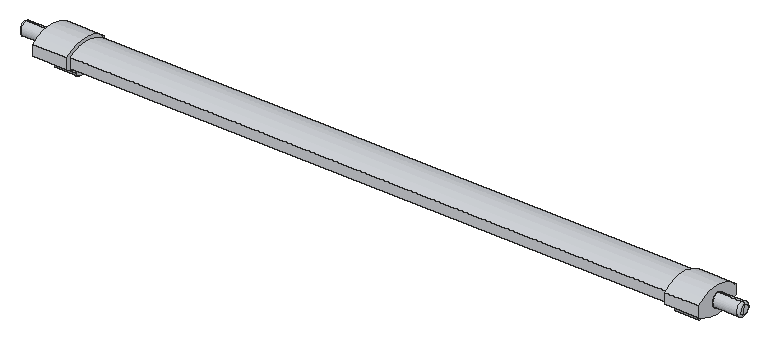
Revit family "0045750", category Lighting Fixtures, host Face, Revit 2017
Family settings
  Host = Face
  Round Connector Dimension = Use Diameter
  Part Type = Normal
  OmniClass Number = 23.80.70.00
  OmniClass Title = Lighting
  Cut with Voids When Loaded = No
  Light Source = Yes
  Shared = No
  Room Calculation Point = No
Parameters (values of type "0045750 ST E BATTEN 1200 IP65 5200LM 840")
  Weight = "7.02 kg"
  Wattage Comments = ""
  Wattage = 36 W
  WarrantyStartDate [instance] = "n/a"
  WarrantyGuarantorParts = "n/a"
  WarrantyDurationUnit = "n/a"
  WarrantyDurationParts = "n/a"
  WarrantyDescription = "n/a"
  built-in parameter 1150110 = 1 (stored number, unit not read)
  Voltage = 0 V
  URL = "http://www.sylvania-lighting.com"
  TypeName = "START eco Batten  1200 IP65 5200lm 840"
  Type Image = <None>
  Type Comments = "n/a"
  built-in parameter 1114217 = 1 (stored number, unit not read)
  Tilt Angle = -90.00°
  built-in parameter 1150109 = 1 (stored number, unit not read)
  built-in parameter 1150134 = 12
  built-in parameter 1150113 = 1 (stored number, unit not read)
  SerialNumber [instance] = "n/a"
  Photometric Web File = "0045750.ies"
  Material_3_SYL = none
  PowerFactor = 0.9
  PowerConsumption = "36 W"
  NominalLength = 1260 mm
  NominalHeight = 55 mm
  NominalDepth = 80 mm
  Name = "START eco Batten  1200 IP65 5200lm 840"
  ModelReference = Name  # "START eco Batten  1200 IP65 5200lm 840"
  ModelNumber = "0045750"
  Model = Name  # "START eco Batten  1200 IP65 5200lm 840"
  Material = "pc polycarbonate housing, pc polycarbonate diffuser"
  ManufacturerName = "Feilo Sylvania"
  Manufacturer = "Feilo Sylvania"
  LuminousEfficacy = "144 lm/W"
  built-in parameter 1150105 = 412.53 (stored number, unit not read)
  Lumens = 5184 lm
  LuminaireType = ""
  built-in parameter 1150115 = 1 (stored number, unit not read)
  LightOutputRatio = "n/a"
  built-in parameter 1150137 = (empty or 0)
  built-in parameter 1150139 = (empty or 0)
  LampsType = Lamp  # "LED"
  LampNominalLuminous = "5200 lm"
  LampMacAdamStep = "5"
  LampColourTemperature = "4000 K"
  LampColourRenderingIndex = "80"
  built-in parameter 1150112 = 1 (stored number, unit not read)
  built-in parameter 1150114 = 1 (stored number, unit not read)
  Lamp = "LED"
  L_CABLE_SYL = 47 mm
  LUM_W_SYL = 40 mm
  LUM_LENGHT1500_SYL = no
  LUM_H_SYL = 50 mm
  LAMP_ST_SYL = if(LUM_LENGHT1500_SYL, -992 mm, -865.5 mm)  # -865.5 mm
  LAMP_L1_SYL = if(LUM_LENGHT1500_SYL, 726.5 mm, 576.5 mm)  # 576.5 mm
  LUM_D2_SYL = 38 mm - LUM_D1_SYL  # 0 mm
  LUM_D1_SYL = 38 mm
  LAMP_END_SYL = if(LUM_LENGHT1500_SYL, 354 mm, 227.5 mm)  # 227.5 mm
  L3_SYL = 6.5 mm
  Keynote = "16500"
  InstallationDate [instance] = "n/a"
  InputVoltage = "n/a"
  InputNominalFrequency = "n/a"
  built-in parameter 1150132 = (empty or 0)
  built-in parameter 1150102 = (empty or 0)
  built-in parameter 1150107 = 4000 (stored number, unit not read)
  built-in parameter 1150138 = (empty or 0)
  IngressProtection = "IP65"
  ImpactProtectionIndex = "IK08"
  built-in parameter 1150106 = 4.1253 (stored number, unit not read)
  IfcExportType = "IfcLightFixtureType"
  IfcExportAs = "IfcLightFixtureType"
  Emit from Circle Diameter = 609.6 mm
  Emit Shape Visible in Rendering = no
  ElectricShockClassification = "Class II"
  built-in parameter 1150104 = 13.378 (stored number, unit not read)
  DocumentationLiterature = "http://www.sylvania-lighting.com/product/en-int/products/0045750"
  DimmingControlOptions = "n/a"
  Material_2_SYL = none
  Dimming Lamp Color Temperature Shift = <None>
  Description = ""
  Default Elevation = 1219.2 mm
  CreatedOn = "10/6/2020"
  CreatedBy = "@sylvania-lighting.com"
  Cost = 0
  Color Filter = 16777215
  built-in parameter 1114216 [instance] = (empty or 0)
  ClassificationValue = "EF_70_80"
  ClassificationName = "Uniclass2015"
  Material_1_SYL = none
  CABLE_D_SYL = 23 mm
  BarCode [instance] = "n/a"
  built-in parameter 1114218 = 1 (stored number, unit not read)
  BODY_ST_SYL = if(LUM_LENGHT1500_SYL, -1052 mm, 204 mm)  # 204 mm
  BODY_END_SYL = if(LUM_LENGHT1500_SYL, -992 mm, 264 mm)  # 264 mm
  BRACKET1_ST_SYL = if(LUM_LENGHT1500_SYL, 394 mm, 244 mm)  # 244 mm
  BRACKET1_END_SYL = if(LUM_LENGHT1500_SYL, 354 mm, 204 mm)  # 204 mm
  built-in parameter 1150133 = 10 (stored number, unit not read)
  AssetType = "Fixed"
  AssetIdentifier [instance] = "n/a"
  Assembly Code = "D5020200"
  Apparent Load = 36 VA
  Material_4_SYL = none
Types (6, lengths in mm): name | Weight | Wattage | TypeName | built-in parameter 1150134 | Photometric Web File | PowerConsumption | NominalLength | NominalHeight | NominalDepth | Name | ModelReference | ModelNumber | Model | Material | LuminousEfficacy | built-in parameter 1150105 | Lumens | LightOutputRatio | LampNominalLuminous | LampColourTemperature | built-in parameter 1150107 | built-in parameter 1150106 | built-in parameter 1150104 | DocumentationLiterature | Description | Apparent Load
  0045753 ST E BATTEN 1500 IP65 6000LM 830 | "13.8 kg" | 42 W | "START eco Batten 1500 IP65 6000lm 830" | (empty or 0) | "0045753.ies" | "42 W" | 1560 | 55 | 80 | "START eco Batten 1500 IP65 6000lm 830" | "START eco Batten 1500 IP65 6000lm 830" | "0045753" | "START eco Batten 1500 IP65 6000lm 830" | "pc polycarbonate housing, pc polycarbonate diffuser" | "143 lm/W" | 477.94 (stored number, unit not read) | 6006 lm | "n/a" | "6000 lm" | "3000 K" | 3000 (stored number, unit not read) | 4.7794 (stored number, unit not read) | 13.285 (stored number, unit not read) | "http://www.sylvania-lighting.com/product/en-int/products/0045753" | "" | 42 VA
  0045750 ST E BATTEN 1200 IP65 5200LM 840 | "7.02 kg" | 36 W | "START eco Batten  1200 IP65 5200lm 840" | 12 | "0045750.ies" | "36 W" | 1260 | 55 | 80 | "START eco Batten  1200 IP65 5200lm 840" | "START eco Batten  1200 IP65 5200lm 840" | "0045750" | "START eco Batten  1200 IP65 5200lm 840" | "pc polycarbonate housing, pc polycarbonate diffuser" | "144 lm/W" | 412.53 (stored number, unit not read) | 5184 lm | "n/a" | "5200 lm" | "4000 K" | 4000 (stored number, unit not read) | 4.1253 (stored number, unit not read) | 13.378 (stored number, unit not read) | "http://www.sylvania-lighting.com/product/en-int/products/0045750" | "" | 36 VA
  0045749 ST E BATTEN 1200 IP65 5200LM 830 | "7.02 kg" | 36 W | "START eco Batten 1200 IP65 5200lm 830" | (empty or 0) | "0045749.ies" | "36 W" | 1260 | 55 | 80 | "START eco Batten 1200 IP65 5200lm 830" | "START eco Batten 1200 IP65 5200lm 830" | "0045749" | "START eco Batten 1200 IP65 5200lm 830" | "pc polycarbonate housing, pc polycarbonate diffuser" | "144 lm/W" | 412.53 (stored number, unit not read) | 5184 lm | "n/a" | "5200 lm" | "3000 K" | 3000 (stored number, unit not read) | 4.1253 (stored number, unit not read) | 13.378 (stored number, unit not read) | "http://www.sylvania-lighting.com/product/en-int/products/0045749" | "" | 36 VA
  0045416 ST E BATTEN NEO 1500 IP65 6000LM 865 ME | "12.213 kg" | 48 W | "START eco Batten NEO 1500 IP65 6000lm 865 ME" | 1 | "0045416.ies" | "48 W" | 1500 | 53.6 | 80 | "START eco Batten NEO 1500 IP65 6000lm 865 ME" | "START eco Batten NEO 1500 IP65 6000lm 865 ME" | "0045416" | "START eco Batten NEO 1500 IP65 6000lm 865 ME" | "n/a" | "125 lm/W" | 477.46 (stored number, unit not read) | 6000 lm | "100" | "6000 lm" | "6500 K" | 6500 (stored number, unit not read) | 4.7746 (stored number, unit not read) | 11.613 (stored number, unit not read) | "http://www.sylvania-lighting.com/product/en-int/products/0045416" | "The new upgraded Start eco Batten IP65 (upgraded version of Batten LED LINK) is a versatile range of slimline LED waterproof luminaires that provide an ideal solution for interior and exterior applications such as workshops, garages and outdoor covered spaces. The design allows the luminaire to be easily linked to another luminaire through an IP65 rated connector. The product can be a slimline replacement for single and twin 36W/58W fluorescent waterproof battens.Polycarbonate housing and diffuser, 5520 lm, 48 W, 115 lm/W, 3000 K, drive current 300 mA, non dimmable, CRI 80, IP65, IK08, Class II, nominal average lifetime (h): 30000, 1500 mm x 80 mm x 53.6 mm, energy class: A++ A+ A." | 48 VA
  0045414 ST E BATTEN NEO 1200 IP65 5200LM 865 ME | "13.368 kg" | 36 W | "START eco Batten NEO 1200 IP65 5200lm 865 ME" | 1 | "0045414.ies" | "36 W" | 1200 | 52.8 | 44 | "START eco Batten NEO 1200 IP65 5200lm 865 ME" | "START eco Batten NEO 1200 IP65 5200lm 865 ME" | "0045414" | "START eco Batten NEO 1200 IP65 5200lm 865 ME" | "n/a" | "144 lm/W" | 412.53 (stored number, unit not read) | 5184 lm | "100" | "5200 lm" | "6500 K" | 6500 (stored number, unit not read) | 4.1253 (stored number, unit not read) | 13.378 (stored number, unit not read) | "http://www.sylvania-lighting.com/product/en-int/products/0045414" | "The new upgraded Start eco Batten IP65 (upgraded version of Batten LED LINK) is a versatile range of slimline LED waterproof luminaires that provide an ideal solution for interior and exterior applications such as workshops, garages and outdoor covered spaces. The design allows the luminaire to be easily linked to another luminaire through an IP65 rated connector. The product can be a slimline replacement for single and twin 36W/58W fluorescent waterproof battens.Polycarbonate housing and diffuser, 2500 lm, 20 W, 125 lm/W, 4000 K, drive current 130 mA, non dimmable, CRI 80, IP65, IK08, Class II, nominal average lifetime (h): 30000, 1200 mm x 42 mm x 52.8 mm, energy class: A++ A+ A." | 36 VA
  0045754 ST E BATTEN 1500 IP65 6000LM 840 | "8.28 kg" | 42 W | "START eco Batten 1500 IP65 6000lm 840" | 12 | "0045754.ies" | "42 W" | 1560 | 55 | 80 | "START eco Batten 1500 IP65 6000lm 840" | "START eco Batten 1500 IP65 6000lm 840" | "0045754" | "START eco Batten 1500 IP65 6000lm 840" | "pc polycarbonate housing, pc polycarbonate diffuser" | "143 lm/W" | 477.94 (stored number, unit not read) | 6006 lm | "n/a" | "6000 lm" | "4000 K" | 4000 (stored number, unit not read) | 4.7794 (stored number, unit not read) | 13.285 (stored number, unit not read) | "http://www.sylvania-lighting.com/product/en-int/products/0045754" | "" | 42 VA
Reference planes
  plane 1 "Center (Front/Back)": y = 0
  plane 2: z = 0
  plane 3 "Center (Left/Right)": x = 0
  plane 4: x = 576.5
  plane 5: x = 583
  plane 6: x = 630
  plane 7: x = -576.5
  plane 8: x = -583
  plane 9: x = -630
  plane 10: z = 0
  plane 11: z = -5.5
  plane 12: z = 0
  plane 13: z = -50
  plane 14: y = 18
  plane 15: y = -18
  plane 16: z = -46
  plane 17: y = 16
  plane 18: y = -16
  plane 19: y = 40
  plane 20: y = -40
  plane 21: z = 5
  plane 22: z = -10
  plane 23: z = -28
  plane 24: z = -17.3
  plane 25: z = -0.3
  plane 26: z = -34.3
  plane 27: y = 35
  plane 28: y = -35
Forms (mm)
  Revolve 1, solid
    sketch origin (0, 0, 0) x (1, 0, 0) y (0, 0, 1)
      loop
        line (630, -17) -> (583, -17) -> (583, -29.5)
        arc (583, -29.5) -> (583.293, -28.793) -> (584, -28.5) r 1
        line (584, -28.5) -> (626, -28.5)
        arc (626, -28.5) -> (628.828, -27.328) -> (630, -24.5) r 4
        line (630, -24.5) -> (630, -17)
      loop
        arc (-584, -28.5) -> (-583.293, -28.793) -> (-583, -29.5) r 1
        line (-583, -29.5) -> (-583, -17) -> (-630, -17) -> (-630, -24.5)
        arc (-630, -24.5) -> (-628.828, -27.328) -> (-626, -28.5) r 4
        line (-626, -28.5) -> (-584, -28.5)
      axis (630, -17) -> (-630, -17)
    angle from 360 to 0
  Extrusion 2, solid
    sketch origin (319, 1524, 1219.2) x (0, 1, 0) y (0, 0, 1)
      loop
        line (-1506, -1236.2) -> (-1508, -1236.2) -> (-1508, -1261.2)
        arc (-1508, -1261.2) -> (-1509.172, -1264.028) -> (-1512, -1265.2) r 4
        line (-1512, -1265.2) -> (-1534, -1265.2)
        arc (-1534, -1265.2) -> (-1538.243, -1263.443) -> (-1540, -1259.2) r 6
        line (-1540, -1259.2) -> (-1540, -1236.2) -> (-1542, -1236.2) -> (-1542, -1263.2)
        arc (-1542, -1263.2) -> (-1540.243, -1267.443) -> (-1536, -1269.2) r 6
        line (-1536, -1269.2) -> (-1512, -1269.2)
        arc (-1512, -1269.2) -> (-1507.757, -1267.443) -> (-1506, -1263.2) r 6
        line (-1506, -1263.2) -> (-1506, -1236.2)
    from 204 <- "BRACKET1_END_SYL" to 244 <- "BRACKET1_ST_SYL"
  Extrusion 3, solid
    sketch origin (-319, 1524, 1219.2) x (0, 1, 0) y (0, 0, -1)
      loop
        line (-1506, 1236.2) -> (-1506, 1263.2)
        arc (-1506, 1263.2) -> (-1507.757, 1267.443) -> (-1512, 1269.2) r 6
        line (-1512, 1269.2) -> (-1536, 1269.2)
        arc (-1536, 1269.2) -> (-1540.243, 1267.443) -> (-1542, 1263.2) r 6
        line (-1542, 1263.2) -> (-1542, 1236.2) -> (-1540, 1236.2) -> (-1540, 1259.2)
        arc (-1540, 1259.2) -> (-1538.243, 1263.443) -> (-1534, 1265.2) r 6
        line (-1534, 1265.2) -> (-1512, 1265.2)
        arc (-1512, 1265.2) -> (-1509.172, 1264.028) -> (-1508, 1261.2) r 4
        line (-1508, 1261.2) -> (-1508, 1236.2) -> (-1506, 1236.2)
    from 204 <- "BRACKET1_END_SYL" to 244 <- "BRACKET1_ST_SYL"
  Extrusion 4, solid
    sketch origin (319, 1524, 1219.2) x (0, 1, 0) y (0, 0, 1)
      loop
        line (-1564, -1229.2) -> (-1564, -1247.2)
        arc (-1564, -1247.2) -> (-1524, -1258.757) -> (-1484, -1247.2) r 75
        line (-1484, -1247.2) -> (-1484, -1229.2)
        arc (-1484, -1229.2) -> (-1524, -1214.2) -> (-1564, -1229.2) r 60.833
    from 204 <- "BODY_ST_SYL" to 264 <- "BODY_END_SYL"
  Extrusion 5, solid
    sketch origin (-319, 1524, 1219.2) x (0, 1, 0) y (0, 0, -1)
      loop
        arc (-1564, 1229.2) -> (-1524, 1214.2) -> (-1484, 1229.2) r 60.833
        line (-1484, 1229.2) -> (-1484, 1247.2)
        arc (-1484, 1247.2) -> (-1524, 1258.757) -> (-1564, 1247.2) r 75
        line (-1564, 1247.2) -> (-1564, 1229.2)
    from 204 <- "BODY_ST_SYL" to 264 <- "BODY_END_SYL"
  Extrusion 6, solid
    sketch origin (319, 1524, 1219.2) x (0, 1, 0) y (0, 0, 1)
      loop
        arc (-1489, -1229.2) -> (-1524, -1219.2) -> (-1559, -1229.2) r 66.25
        line (-1559, -1229.2) -> (-1559, -1247.2)
        arc (-1559, -1247.2) -> (-1524, -1253.5) -> (-1489, -1247.2) r 100.372
        line (-1489, -1247.2) -> (-1489, -1229.2)
    from -865.5 <- "LAMP_ST_SYL" to 227.5 <- "LAMP_END_SYL"
Dimensions and locks
  "LAMP_L1_SYL": plane 4 to plane 3 "Center (Left/Right)"
  "LAMP_L1_SYL": plane 3 "Center (Left/Right)" to plane 7
  "L3_SYL": plane 5 to plane 4
  "L_CABLE_SYL": plane 6 to plane 5
  plane 7 to plane 8 = 6.5 mm
  plane 8 to plane 9 = 47 mm
  "L3_SYL": plane 7 to plane 8
  "L_CABLE_SYL": plane 8 to plane 9
  "LUM_D2_SYL": plane 10 to host face
  plane 10 to host face = 0 mm
  "LUM_H_SYL": plane 13 to host face
  "LUM_W_SYL": plane 19 to plane 1 "Center (Front/Back)" to plane 20
  aligned and locked: plane 2 to host face
  aligned and locked: level to host face
  aligned and locked: plane 8 to Revolve 1 sketch curve
Automatic sketch dimensions
  host sketch curve to host sketch curve = 2438.4 mm  (x2)
  Revolve 1 sketch curve to plane 9 = 0 mm
  Revolve 1 sketch curve to plane 5 = 0 mm
  Revolve 1 sketch curve to plane 6 = 0 mm
  Revolve 1 sketch curve to Revolve 1 sketch curve = 4 mm
  plane 23 to Revolve 1 sketch curve = 0.5 mm  (x2)
  Revolve 1 sketch curve to plane 8 = 1 mm
  plane 5 to Revolve 1 sketch curve = 1 mm
  Revolve 1 sketch curve to plane 6 = 4 mm
  plane 22 to Revolve 1 sketch curve = 7 mm  (x3)
  Revolve 1 sketch curve to plane 9 = 561.5 mm
  plane 6 to Revolve 1 sketch curve = 569.9 mm
  Extrusion 2 sketch curve to plane 15 = 0 mm
  Extrusion 2 sketch curve to plane 18 = 0 mm
  plane 13 to Extrusion 2 sketch curve = 0 mm
  plane 16 to Extrusion 2 sketch curve = 0 mm
  Extrusion 2 sketch curve to plane 17 = 0 mm
  Extrusion 2 sketch curve to plane 14 = 0 mm
  Extrusion 2 sketch curve to plane 16 = 2 mm  (x2)
  Extrusion 2 sketch curve to Extrusion 2 sketch curve = 2 mm
  Extrusion 2 sketch curve to Extrusion 2 sketch curve = 0 mm
  plane 22 to Extrusion 2 sketch curve = 7 mm  (x2)
  Extrusion 3 sketch curve to plane 15 = 0 mm
  Extrusion 3 sketch curve to plane 18 = 0 mm
  plane 13 to Extrusion 3 sketch curve = 0 mm
  plane 16 to Extrusion 3 sketch curve = 0 mm
  Extrusion 3 sketch curve to plane 17 = 0 mm
  Extrusion 3 sketch curve to plane 14 = 0 mm
  Extrusion 3 sketch curve to plane 16 = 2 mm  (x2)
  Extrusion 3 sketch curve to Extrusion 3 sketch curve = 2 mm
  Extrusion 3 sketch curve to Extrusion 3 sketch curve = 0 mm
  plane 22 to Extrusion 3 sketch curve = 7 mm  (x2)
  Extrusion 4 sketch curve to plane 20 = 0 mm
  Extrusion 4 sketch curve to plane 1 "Center (Front/Back)" = 0 mm  (x2)
  Extrusion 4 sketch curve to plane 19 = 0 mm
  plane 23 to Extrusion 4 sketch curve = 0 mm
  plane 22 to Extrusion 4 sketch curve = 0 mm
  plane 13 to Extrusion 4 sketch curve = 5.833 mm
  Extrusion 4 sketch curve to plane 21 = 30.443 mm
  Extrusion 5 sketch curve to plane 20 = 0 mm
  Extrusion 5 sketch curve to plane 1 "Center (Front/Back)" = 0 mm  (x2)
  Extrusion 5 sketch curve to plane 19 = 0 mm
  plane 22 to Extrusion 5 sketch curve = 0 mm
  plane 23 to Extrusion 5 sketch curve = 0 mm
  Extrusion 5 sketch curve to plane 21 = 30.443 mm
  plane 13 to Extrusion 5 sketch curve = 5.833 mm
  plane 22 to Extrusion 6 sketch curve = 0 mm  (x2)
  Extrusion 6 sketch curve to plane 28 = 0 mm
  plane 23 to Extrusion 6 sketch curve = 0 mm  (x2)
  Extrusion 6 sketch curve to plane 1 "Center (Front/Back)" = 0 mm
  plane 13 to Extrusion 6 sketch curve = 16.25 mm
  Extrusion 6 sketch curve to plane 21 = 61.072 mm
Connectors
  electrical at (0, 0, 0), driven by "Apparent Load", driven by "PowerFactor", driven by "Voltage"
    settings: index 1, voltage 0 V, apparent load 36 VA, apparent load phase1 0 VA, apparent load phase2 0 VA, apparent load phase3 0 VA, power factor 0.9, load classification "Lighting", number of poles 1, system type 30, power factor state 1, is connector primary yes, connector utility no, sub classification motor no, connector description ""
